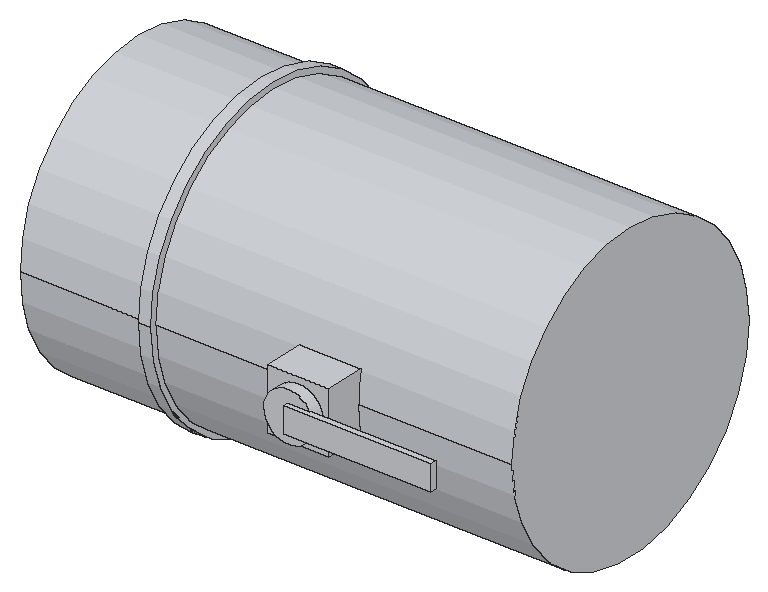
Revit family "M_Round Takeoff with Standoff Damper", category Duct Fittings, Revit 2014
Parameters (values of type "Standard")
  built-in parameter 1114214 [instance] = 125 mm
  built-in parameter 1114213 [instance] = 375 mm
  built-in parameter 1114215 [instance] = if(Duct Diameter > 375 mm, Duct Diameter, 375 mm)  # 1.2303 (stored number, unit not read)
  Standoff Width [instance] = 62.5 mm
  Standoff Height [instance] = 37.5 mm
  Radius 2 [instance] = Handle Width  # 25 mm
  Radius 1 [instance] = Duct Radius + 6 mm  # 156 mm
  Length 3 [instance] = Length 2 + Handle Height + Length 1  # 206 mm
  Length 2 [instance] = Standoff Height + Duct Radius  # 187.5 mm
  Length 1 [instance] = 12.5 mm
  Handle Width [instance] = 25 mm
  Handle Length [instance] = 150 mm
  Handle Height [instance] = 6 mm
  Stop Bead Thickness [instance] = 12.5 mm
  Stop Bead Radius [instance] = Duct Radius + Stop Bead Extension  # 156 mm
  Stop Bead Extension [instance] = 6 mm
  Duct Radius [instance] = 150 mm
  Duct Length 1 [instance] = Duct Radius + 75 mm  # 225 mm
  Duct Diameter [instance] = Duct Radius * 2  # 300 mm
Reference planes
  plane 1 "Center (Front/Back)": y = 0
  plane 2: z = 0
  plane 3 "Center (Left/Right)": x = 0
  plane 4: x = 375
  plane 5: x = -125
  plane 6: x = 187.5
  plane 7: y = -206
Forms (mm)
  Extrusion 1, solid, detail levels medium+fine
    sketch origin (0, 0, 0) x (0, 1, 0) y (0, 0, 1)
      loop
        circle (0, 0) r 150
    from 0 to 375
  Extrusion 2, solid, detail levels medium+fine
    sketch origin (-125, 1599.471, 1219.2) x (0, 1, 0) y (0, 0, 1)
      loop
        circle (-1599.471, -1219.2) r 150
    from 0 to 125
  Extrusion 3, solid, detail levels medium+fine
    sketch origin (0, 0, 0) x (0, 1, 0) y (0, 0, 1)
      loop
        circle (0, 0) r 156
    from 0 to 12.5
  Extrusion 4, solid, detail levels medium+fine
    sketch origin (0, 0, 0) x (1, 0, 0) y (0, 0, 1)
      loop
        circle (187.5, 0) r 25
    from 200 to 187.5
  Extrusion 5, solid, detail levels medium+fine
    sketch origin (0, -200, 0) x (-1, 0, 0) y (0, 0, 1)
      loop
        line (-337.5, 12.5) -> (-337.5, -12.5) -> (-187.5, -12.5) -> (-187.5, 12.5) -> (-337.5, 12.5)
    from 0 to -6
  Extrusion 6, solid, detail levels medium+fine
    sketch origin (0, 0, 0) x (1, 0, 0) y (0, 0, 1)
      loop
        line (218.75, 31.25) -> (156.25, 31.25) -> (156.25, -31.25) -> (218.75, -31.25) -> (218.75, 31.25)
    from 0 to 187.5
Cuts and joins
  joined: Extrusion 1, Extrusion 3, Extrusion 6
Lines and regions (mm)
  model lines, not visible, detail levels coarse
    curve 1: line (0, 0, 0) -> (375, 0, 0)
  model lines, detail levels coarse
    curve 2: line (187.5, -206, 0) -> (187.5, 150, 0)
    curve 3: line (187.5, -206, 0) -> (337.5, -206, 0)
Dimensions and locks
  "built-in parameter 1114214": plane 5 to plane 3 "Center (Left/Right)"
  "Stop Bead Thickness": plane 3 "Center (Left/Right)" to Extrusion 3
  equal spacing: Extrusion 5 sketch curve, plane 2, Extrusion 5 sketch curve
  "Handle Width": Extrusion 5 sketch curve to Extrusion 5 sketch curve
  "Handle Length": Extrusion 5 sketch curve to Extrusion 5 sketch curve
  "Duct Radius": plane 1 "Center (Front/Back)" to curve 2
  "Handle Height": Extrusion 5 to Extrusion 5
  equal spacing: Extrusion 6 sketch curve, plane 2, Extrusion 6 sketch curve
  "Standoff Width": Extrusion 6 sketch curve to Extrusion 6 sketch curve  (x2)
  equal spacing: Extrusion 6 sketch curve, plane 6, Extrusion 6 sketch curve
  "Length 2": cut or joined group of Extrusion 1, Extrusion 3, Extrusion 6 to plane 1 "Center (Front/Back)"
  "Length 1": Extrusion 4 to cut or joined group of Extrusion 1, Extrusion 3, Extrusion 6
  "Length 3": plane 7 to plane 1 "Center (Front/Back)"
  "Handle Length": plane 6 to curve 3
  "built-in parameter 1114213": plane 3 "Center (Left/Right)" to plane 4
  equal spacing: plane 3 "Center (Left/Right)", plane 6, plane 4
  "Duct Radius": radius of Extrusion 1 sketch curve
  "Duct Radius": radius of Extrusion 2 sketch curve
  "Stop Bead Radius": radius of Extrusion 3 sketch curve
  "Radius 2": radius of Extrusion 4 sketch curve
  aligned and locked: plane 1 "Center (Front/Back)" to curve 1
  aligned and locked: plane 3 "Center (Left/Right)" to curve 1
  aligned and locked: plane 2 to Extrusion 1 sketch curve
  aligned and locked: plane 1 "Center (Front/Back)" to Extrusion 1 sketch curve
  aligned and locked: Extrusion 1 to plane 3 "Center (Left/Right)"
  aligned and locked: plane 2 to Extrusion 2 sketch curve
  aligned and locked: plane 1 "Center (Front/Back)" to Extrusion 2 sketch curve
  aligned and locked: plane 3 "Center (Left/Right)" to Extrusion 2
  aligned and locked: Extrusion 2 to plane 5
  aligned and locked: plane 1 "Center (Front/Back)" to Extrusion 3 sketch curve
  aligned and locked: plane 2 to Extrusion 3 sketch curve
  aligned and locked: Extrusion 3 to plane 3 "Center (Left/Right)"
  aligned and locked: plane 2 to Extrusion 4 sketch curve
  aligned and locked: plane 6 to Extrusion 4 sketch curve
  aligned and locked: plane 6 to Extrusion 5 sketch curve
  aligned and locked: Extrusion 6 to plane 1 "Center (Front/Back)"
  aligned and locked: Extrusion 4 to cut or joined group of Extrusion 1, Extrusion 3, Extrusion 6
  aligned and locked: Extrusion 5 to plane 7
  aligned and locked: plane 7 to curve 2
  aligned and locked: plane 6 to curve 3
  aligned and locked: plane 4 to Extrusion 1
  aligned and locked: plane 4 to curve 1
Connectors
  hvac at (0, 0, 0), driven by "Duct Radius"
    settings: on cut or joined group of Extrusion 1, Extrusion 3, Extrusion 6, index 1, duct flow 0.0 L/s, flow factor 0, pres drop 0.0 Pa, loss coef 0, conn angle 0.00°, conn width 304.8 mm, conn height 304.8 mm, conn diameter 300 mm, duct sys type 28, conn prof type 0, flow config 0, flow direction 0, loss method 0, conn ref index 2, conn util no, is conn primary yes, conn desc ""
  hvac at (375, 0, 0), driven by "Duct Radius"
    settings: on cut or joined group of Extrusion 1, Extrusion 3, Extrusion 6, index 2, duct flow 0.0 L/s, flow factor 0, pres drop 0.0 Pa, loss coef 0, conn angle 0.00°, conn width 304.8 mm, conn height 304.8 mm, conn diameter 300 mm, duct sys type 28, conn prof type 0, flow config 0, flow direction 0, loss method 0, conn ref index 1, conn util no, is conn primary no, conn desc ""
